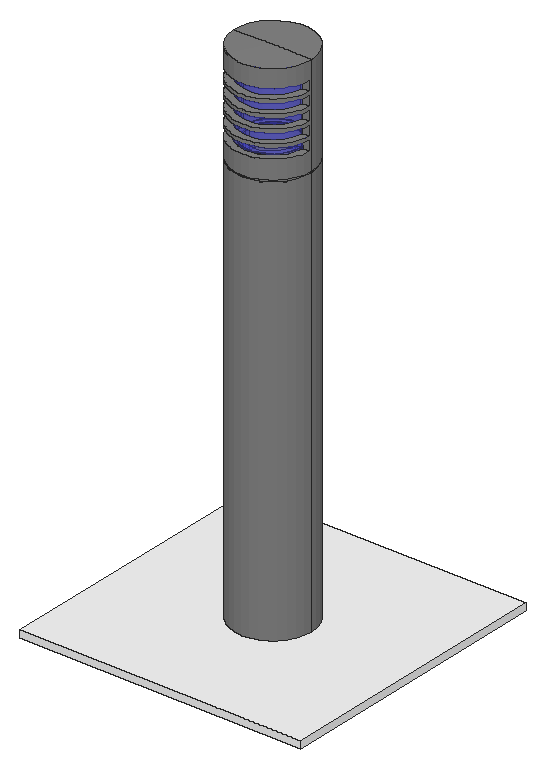
Revit family "BE_84423_de_DE", category Leuchten, Revit 2020
Family settings
  Basisbauteil = Fläche
  Bemaßung runder Anschluss = Durchmesser verwenden
  Teiletyp = Normal
  Beim Laden mit Abzugskörper schneiden = Ja
  Lichtquelle = Ja
  Gemeinsam genutzt = Nein
  Raumberechnungspunkt = Ja
Parameters (values of type "BEGA_84423_Grafit_K3")
  built-in parameter 1150104 = 17.866 (stored number, unit not read)
  Wattage = 3.9 W
  Default Elevation = 0 mm
  built-in parameter 1150113 = 1 (stored number, unit not read)
  built-in parameter 1114218 = 1 (stored number, unit not read)
  Umgebungstemperatur = "25 °C"
  URL = "https://www.bega.com/de/produkt/84423"
  Typenkommentare = "© 2022 BEGA. Wir behalten uns das Recht vor, technische Änderungen ohne vorherige Ankündigung vorzunehmen."  # constant formula
  Type Image = 84423.png
  built-in parameter 1150134 = (empty or 0)
  built-in parameter 1150109 = 1 (stored number, unit not read)
  Strom = ""
  built-in parameter 1150110 = 1 (stored number, unit not read)
  Spannung = 239.996 V
  Sonderanfertigung = no
  Seriennummer [instance] = "Hier können Sie die eindeutige Seriennummer für das Facility Management eintragen."
  Schutzklasse = "I"
  Schutzart = "IP 65"
  Scheinlast = 0 VA
  Produktdatenblatt = "https://cdn.bega.com/bega/products/84423AK3/current/documents/data-sheets/de"
  Oberflächentemperatur = ""
  Neigungswinkel = 0.00°
  Modell = "84423K3"
  Material_18 = BEGA_Gummi_schwarz
  Material_17 = BEGA_Reflektor
  Material_15 = BEGA_Leuchtmedium_matt
  Material_11 = BEGA_Glas_opal
  Material_09 = BEGA_Glas_klar
  Material_08 = BEGA_Oberfläche_Stahl_verzinkt
  Material_06 = BEGA_Oberfläche_Edelstahl_gebürstet
  Material_03 = BEGA_Oberfläche_Weiss_matt
  Material_02 = BEGA_Oberfläche_Silber_matt
  Material_01 [instance] = BEGA_Oberfläche_Grafit_matt
  M_W = no
  M_G = yes
  M_A = no
  Logo = 0
  built-in parameter 1114217 = 1 (stored number, unit not read)
  built-in parameter 1150139 = (empty or 0)
  built-in parameter 1150105 = 59.684 (stored number, unit not read)
  built-in parameter 1150114 = 1 (stored number, unit not read)
  Lumens = 750.009 lm
  built-in parameter 1150115 = 1 (stored number, unit not read)
  Leuchtenlichtstrom = "99 lm"
  Leuchtenanzahl = ""
  Lebensdauerkriterien = "L70B50 @ 25 °C = 200000 h"
  Lastklassifizierung = Beleuchtung
  built-in parameter 1150112 = 1 (stored number, unit not read)
  Lampenlichtstrom = "750 lm"
  Lampe = "LED 3.9 W"
  LED_Modulbezeichnung = "LED-0794/830"
  built-in parameter 1150142 = (empty or 0)
  Hersteller = "BEGA"  # constant formula
  Halbstreuwinkel = ""
  Gewicht = "3.7 kg"
  Gebrauchslageneinschränkung [instance] = ""
  Frequenz = "0/50-60 Hz"
  Farbwiedergabeindex = "CRI > 80"
  Farbtemperaturverschiebung bei Dämpfen der Lampe = <Keine Auswahl>
  Farbtemperatur = "3000 K"
  Color Filter = 16777215
  built-in parameter 1150133 = 10 (stored number, unit not read)
  Energieeffizienzklasse = "LED A++ - A"
  built-in parameter 1150137 = (empty or 0)
  built-in parameter 1150132 = (empty or 0)
  ENEC = "ja"
  Datei für fotometrisches Netz = "BE_84423K3.IES"
  CE_Konformität = "ja"
  Bestellnummer = "84423K3"
  Beschreibung_Sonderanfertigung = "Hier können Sie Informationen zur Sonderanfertigung eintragen."
  Beschreibung = "Garten- und Wegeleuchte"
  built-in parameter 1150106 = 0.59684 (stored number, unit not read)
  Befestigungsbohrung = "Ø 9 mm"
  Befestigungsabstand = ""
  Ballwurfsicher = ""
  BEGA_Intern_aus = yes
  BEGA_Intern_an = yes
  BEGA_Intern_Konstruktion = yes
  BEGA_Intern = yes
  BEGA_IES = yes
  BEGA_Dummy = no
  Anschlussleitung = ""
  Anschlussleistung [instance] = "5 W"
  built-in parameter 1150107 = 3000 (stored number, unit not read)
  built-in parameter 1150102 = (empty or 0)
  built-in parameter 1150138 = (empty or 0)
  Aktualisierung = "2022-05-19T04:00:07"
  Abstand_zur_angestrahlten_Fläche [instance] = ""
  AC/DC = "AC/DC"
Types (4, lengths in mm): name | built-in parameter 1150104 | built-in parameter 1150134 | Modell | M_G | M_A | built-in parameter 1150105 | Lumens | Leuchtenlichtstrom | Lampenlichtstrom | LED_Modulbezeichnung | Farbtemperatur | Datei für fotometrisches Netz | Bestellnummer | built-in parameter 1150106 | built-in parameter 1150107
  BEGA_84423_Grafit_K3 | 17.866 (stored number, unit not read) | (empty or 0) | "84423K3" | yes | no | 59.684 (stored number, unit not read) | 750.009 lm | "99 lm" | "750 lm" | "LED-0794/830" | "3000 K" | "BE_84423K3.IES" | "84423K3" | 0.59684 (stored number, unit not read) | 3000 (stored number, unit not read)
  BEGA_84423_Silber_K3 | 17.866 (stored number, unit not read) | (empty or 0) | "84423AK3" | no | yes | 59.684 (stored number, unit not read) | 750.009 lm | "99 lm" | "750 lm" | "LED-0794/830" | "3000 K" | "BE_84423K3.IES" | "84423AK3" | 0.59684 (stored number, unit not read) | 3000 (stored number, unit not read)
  BEGA_84423_Grafit_K4 | 18.343 (stored number, unit not read) | 12 | "84423K4" | yes | no | 61.276 (stored number, unit not read) | 770.016 lm | "101 lm" | "770 lm" | "LED-0794/840" | "4000 K" | "BE_84423K4.IES" | "84423K4" | 0.61276 (stored number, unit not read) | 4000 (stored number, unit not read)
  BEGA_84423_Silber_K4 | 18.343 (stored number, unit not read) | 12 | "84423AK4" | no | yes | 61.276 (stored number, unit not read) | 770.016 lm | "101 lm" | "770 lm" | "LED-0794/840" | "4000 K" | "BE_84423K4.IES" | "84423AK4" | 0.61276 (stored number, unit not read) | 4000 (stored number, unit not read)
Reference planes
  plane 1 "Mitte (Vorne/Hinten)": y = 0
  plane 2: z = 0
  plane 3 "Mitte (Links/Rechts)": x = 0
  plane 4 "Links": x = -55
  plane 5 "Rechts": x = 55.007
  plane 6 "Unten": y = -55
  plane 7 "Oben": y = 55
  plane 8 "Vorne": z = 730.771
  plane 9 "Hinten": z = 0
Forms (mm)
  Extrusion 1, solid, material "BEGA_Platte_Weiss"
    sketch origin (0, -1119.2, 0) x (1, 0, 0) y (0, 1, 0)
      loop
        line (-200, 1319.2) -> (-200, 919.2) -> (200, 919.2) -> (200, 1319.2) -> (-200, 1319.2)
    from 0 to -10
  Extrusion 2, solid, material "BEGA_Dummy_matt", visible <- "BEGA_Dummy"
    sketch origin (77.149, -76.023, 0) x (1, 0, 0) y (0, 1, 0)
      loop
        circle (-77.149, 76.023) r 55
    from 0 to 730.771
Dimensions and locks
  plane 1 "Mitte (Vorne/Hinten)" to Extrusion 1 = 200 mm
  aligned and locked: plane 2 to Extrusion 1
  aligned and locked: level to Extrusion 1
Nested families
  nested 1: "84423" at (0, 0, 0), type "84423"
Connectors
  electrical at (0, 0, 0), driven by "Lastklassifizierung", driven by "Spannung", driven by "Scheinlast"
    settings: index 1, voltage 239.996 V, apparent load 0 VA, apparent load phase1 0 VA, apparent load phase2 0 VA, apparent load phase3 0 VA, power factor 1, load classification "Beleuchtung", number of poles 1, system type 31, power factor state 1, is connector primary yes, connector utility no, sub classification motor no, connector description ""
Definition of nested family "84423"
  Parameters (values of type "84423")
    Default Elevation = 1 mm
    URL = "http://www.bega.de/de/produkt"
    Type Comments = "© 2015 BEGA. Wir behalten uns das Recht vor, technische Änderungen ohne vorherige Ankündigung vorzunehmen. "  # constant formula
    Type Image = (empty or 0)
    Neigungswinkel_um_Z2 = 0.00°
    Neigungswinkel_um_Z1 = 0.00°
    Neigungswinkel_um_Y2 = 0.00°
    Neigungswinkel_um_Y1 = 0.00°
    Neigungswinkel_um_X2 = 0.00°
    Neigungswinkel_um_X1 = 0.00°
    Material_18 = none
    Material_17 = none
    Material_15 = none
    Material_11 = none
    Material_09 = none
    Material_08 = none
    Material_06 = none
    Material_02 = none
    Material_01 = none
    M_W = no
    M_G = no
    M_A = yes
    Länge_Platte = 200 mm  # constant formula
    Höhe_Platte = -10 mm  # constant formula
    Manufacturer = "BEGA"  # constant formula
    Drehwinkel_um_Z2 = 0.00°
    Drehwinkel_um_Z1 = 0.00°
    Breite_Platte = 200 mm  # constant formula
  Reference planes
    plane 1 "Mitte (Oben/Unten)": y = 0
    plane 2: z = 0
    plane 3 "Mitte (Links/Rechts)": x = 0
    plane 4 "Links": x = -55
    plane 5 "Rechts": x = 55.007
    plane 6 "Oben": y = 55
    plane 7 "Unten": y = -55
    plane 8: z = 0
    plane 9: z = 730.771
  Forms (mm)
    Extrusion 1, solid, detail levels medium
      sketch origin (0, 0, 0) x (1, 0, 0) y (0, 1, 0)
        loop
          line (-100, 100) -> (-100, -100) -> (100, -100) -> (100, 100) -> (-100, 100)
      from 0 to -10 <- "Höhe_Platte"
    Revolve 2, solid, material <- "Material_11"
      sketch origin (0, 0, 0) x (1, 0, 0) y (0, 0, 1)
        loop
          line (0, 718.14) -> (-43.08, 718.14) -> (-44.992, 608.595) -> (-37.994, 608.595) -> (-37.994, 582.176) -> (-33, 582.176) -> (-33, 612.26) -> (-40.927, 612.26) -> (-39.149, 714.14) -> (0, 714.14) -> (0, 718.14)
        axis (0, 718.14) -> (0, 582.176)
      angle from 0 to 360
    Revolve 3, solid, material <- "Material_18"
      sketch origin (0, 0, 0) x (1, 0, 0) y (0, 0, 1)
        loop
          circle (-42.419, 606.472) r 2.597
        axis (0, 606.472) -> (0, 605.472)
      angle from 0 to 360
    Revolve 4, solid, material <- "Material_08"
      sketch origin (0, 0, 0) x (1, 0, 0) y (0, 0, 1)
        loop
          line (-44.52, 120) -> (-44.52, 3) -> (-42.5, 3) -> (-42.5, 120) -> (-44.52, 120)
        axis (0, 120) -> (0, 3)
      angle from 0 to 360
    Revolve 5, solid, material <- "Material_02", visible <- "M_A"
      sketch origin (0, 0, 0) x (1, 0, 0) y (0, 0, 1)
        loop
          line (-55, 585.14) -> (-55, 0) -> (-53, 0) -> (-53, 566.429) -> (-43.211, 566.429) -> (-43.211, 606.14) -> (-46, 606.14) -> (-46, 589.14) -> (-51.456, 589.14) -> (-51.456, 587.14) -> (-54, 587.14) -> (-54, 585.14) -> (-55, 585.14)
        axis (0, 606.14) -> (0, 0)
      angle from 0 to 360
    Revolve 6, solid, material <- "Material_01", visible <- "M_G"
      sketch origin (0, 0, 0) x (1, 0, 0) y (0, 0, 1)
        loop
          line (-55, 729.455) -> (-55, 587.44) -> (-52.384, 587.44) -> (-52.384, 609.333) -> (-46.05, 609.333) -> (-44.308, 726.853) -> (-0.008, 726.853) -> (-0.008, 730.752) -> (-55, 729.455)
        axis (-0.008, 730.752) -> (-0.008, 587.44)
      angle from 0 to 360
    Extrusion 7, solid, material <- "Material_08"
      sketch origin (0, 0, 0) x (1, 0, 0) y (0, 1, 0)
        loop
          arc (-4.5, -35.473) -> (0, -39.525) -> (4.5, -35.473) r 4.525
          line (4.5, -35.473) -> (4.5, -32.5)
          arc (4.5, -32.5) -> (0, -28) -> (-4.5, -32.5) r 4.5
          line (-4.5, -32.5) -> (-4.5, -35.473)
        loop
          arc (25.631, 19.982) -> (24.249, 14) -> (30.121, 12.207) r 4.5
          line (30.121, 12.207) -> (32.555, 13.612)
          arc (32.555, 13.612) -> (34.199, 19.745) -> (28.066, 21.388) r 4.489
          line (28.066, 21.388) -> (25.631, 19.982)
        loop
          arc (-28.065, 21.4) -> (-34.211, 19.745) -> (-32.555, 13.6) r 4.5
          line (-32.555, 13.6) -> (-30.393, 12.351)
          arc (-30.393, 12.351) -> (-24.25, 13.998) -> (-25.889, 20.143) r 4.5
          line (-25.889, 20.143) -> (-28.065, 21.4)
        loop
          arc (-24.393, 6.981) -> (-32.482, -0.857) -> (-32.836, -12.115) r 15
          arc (-32.836, -12.115) -> (-30.307, -17.507) -> (-26.899, -22.393) r 35
          arc (-26.899, -22.393) -> (-16.975, -27.703) -> (-6.151, -24.615) r 15
          arc (-6.151, -24.615) -> (0.002, -22.5) -> (6.154, -24.617) r 10
          arc (6.154, -24.617) -> (9.865, -26.739) -> (14.024, -27.727) r 15
          arc (14.024, -27.727) -> (21.138, -26.638) -> (26.925, -22.361) r 15
          arc (26.925, -22.361) -> (30.317, -17.49) -> (32.836, -12.115) r 35
          arc (32.836, -12.115) -> (32.376, -0.621) -> (23.91, 7.167) r 15
          arc (23.91, 7.167) -> (19.219, 11.694) -> (18.305, 18.148) r 10.022
          arc (18.305, 18.148) -> (15.356, 28.752) -> (5.964, 34.488) r 15
          arc (5.964, 34.488) -> (0, 35) -> (-5.964, 34.488) r 35
          arc (-5.964, 34.488) -> (-15.516, 28.536) -> (-18.24, 17.616) r 15
          arc (-18.24, 17.616) -> (-19.49, 11.242) -> (-24.393, 6.981) r 10
        loop
          circle (0, 0) r 47.5
      from 0 to 3
    Revolve 8, solid, material <- "Material_01", visible <- "M_G"
      sketch origin (0, 0, 0) x (1, 0, 0) y (0, 0, 1)
        loop
          line (-55, 585.14) -> (-55, 0) -> (-53, 0) -> (-53, 566.429) -> (-43.211, 566.429) -> (-43.211, 606.14) -> (-46, 606.14) -> (-46, 589.14) -> (-51.456, 589.14) -> (-51.456, 587.14) -> (-54, 587.14) -> (-54, 585.14) -> (-55, 585.14)
        axis (0, 606.14) -> (0, 0)
      angle from 0 to 360
    Extrusion 9, void
      sketch origin (0, 0, 0) x (0, 1, 0) y (0, 0, 1)
        loop
          line (-59.75, 704.482) -> (-59.75, 690.421) -> (-3, 690.421) -> (-3, 704.482) -> (-59.75, 704.482)
        loop
          line (-59.75, 685.421) -> (-59.75, 671.44) -> (-3, 671.44) -> (-3, 685.421) -> (-59.75, 685.421)
        loop
          line (-59.75, 666.44) -> (-59.75, 652.454) -> (-3, 652.454) -> (-3, 666.44) -> (-59.75, 666.44)
        loop
          line (-59.75, 647.454) -> (-59.75, 633.465) -> (-3, 633.465) -> (-3, 647.454) -> (-59.75, 647.454)
        loop
          line (-59.75, 628.465) -> (-59.75, 614.175) -> (-3, 614.175) -> (-3, 628.465) -> (-59.75, 628.465)
      from -80 to 80
    Revolve 10, solid, material <- "Material_02", visible <- "M_A"
      sketch origin (0, 0, 0) x (1, 0, 0) y (0, 0, 1)
        loop
          line (-55, 729.455) -> (-55, 587.44) -> (-52.384, 587.44) -> (-52.384, 609.333) -> (-46.05, 609.333) -> (-44.308, 726.853) -> (-0.008, 726.853) -> (-0.008, 730.752) -> (-55, 729.455)
        axis (-0.008, 730.752) -> (-0.008, 587.44)
      angle from 0 to 360
  Cuts and joins
    joined: Revolve 4, Extrusion 7
    Extrusion 9 cuts Revolve 6
    Extrusion 9 cuts Revolve 10
  Dimensions and locks
    equal spacing: Extrusion 1 sketch curve, plane 3 "Mitte (Links/Rechts)", Extrusion 1 sketch curve
    equal spacing: Extrusion 1 sketch curve, plane 1 "Mitte (Oben/Unten)", Extrusion 1 sketch curve
    "Länge_Platte": Extrusion 1 sketch curve to Extrusion 1 sketch curve
    "Breite_Platte": Extrusion 1 sketch curve to Extrusion 1 sketch curve
    aligned and locked: plane 2 to Extrusion 1
    aligned and locked: level to Extrusion 1
  Automatic sketch dimensions
    Revolve 4 sketch curve to plane 3 "Mitte (Links/Rechts)" = 0 mm
    Revolve 4 sketch curve to plane 3 "Mitte (Links/Rechts)" = 42.5 mm
    Revolve 4 sketch curve to Revolve 4 sketch curve = 2.02 mm
    Revolve 4 sketch curve to Revolve 4 sketch curve = 398 mm
    Revolve 4 sketch curve to Revolve 4 sketch curve = 10 mm
    level to Revolve 4 sketch curve = 3 mm
    level to Revolve 4 sketch curve = 120 mm
    Extrusion 7 sketch curve to Extrusion 7 sketch curve = 0 mm  (x25)
    plane 1 "Mitte (Oben/Unten)" to Extrusion 7 sketch curve = 0 mm
    Extrusion 7 sketch curve to plane 3 "Mitte (Links/Rechts)" = 0 mm  (x3)
    Extrusion 7 sketch curve to plane 3 "Mitte (Links/Rechts)" = 3.387 mm
    Extrusion 7 sketch curve to plane 3 "Mitte (Links/Rechts)" = 4.5 mm
    Extrusion 7 sketch curve to plane 3 "Mitte (Links/Rechts)" = 15.377 mm
    Extrusion 7 sketch curve to Extrusion 7 sketch curve = 3.387 mm  (x2)
    Extrusion 7 sketch curve to Extrusion 7 sketch curve = 22.503 mm
    Extrusion 7 sketch curve to Extrusion 7 sketch curve = 2.176 mm
    Extrusion 7 sketch curve to Extrusion 7 sketch curve = 2.256 mm
    Extrusion 7 sketch curve to Extrusion 7 sketch curve = 2.165 mm  (x2)
    Extrusion 7 sketch curve to Extrusion 7 sketch curve = 2.247 mm
    Extrusion 7 sketch curve to Extrusion 7 sketch curve = 2.162 mm
    plane 3 "Mitte (Links/Rechts)" to Extrusion 7 sketch curve = 3.387 mm
    plane 3 "Mitte (Links/Rechts)" to Extrusion 7 sketch curve = 15.377 mm
    Extrusion 7 sketch curve to Extrusion 7 sketch curve = 22.245 mm
    Extrusion 7 sketch curve to Extrusion 7 sketch curve = 2.435 mm  (x2)
    Extrusion 7 sketch curve to Extrusion 7 sketch curve = 2.514 mm
    Extrusion 7 sketch curve to plane 1 "Mitte (Oben/Unten)" = 12.207 mm
    Extrusion 7 sketch curve to Extrusion 7 sketch curve = 1.975 mm
    plane 1 "Mitte (Oben/Unten)" to Extrusion 7 sketch curve = 6.923 mm  (x2)
    Extrusion 7 sketch curve to Extrusion 7 sketch curve = 5.866 mm  (x2)
    plane 7 "Unten" to Extrusion 7 sketch curve = 22.5 mm
    Extrusion 7 sketch curve to Extrusion 7 sketch curve = 2.5 mm
    Extrusion 7 sketch curve to Extrusion 7 sketch curve = 2.973 mm
    Extrusion 7 sketch curve to plane 1 "Mitte (Oben/Unten)" = 12.351 mm
    Extrusion 7 sketch curve to Extrusion 7 sketch curve = 1.249 mm
    Extrusion 7 sketch curve to Extrusion 7 sketch curve = 4.043 mm
    Extrusion 7 sketch curve to Extrusion 7 sketch curve = 3.899 mm
    Extrusion 7 sketch curve to Extrusion 7 sketch curve = 1.25 mm  (x2)
    Extrusion 7 sketch curve to plane 1 "Mitte (Oben/Unten)" = 19.711 mm
    Extrusion 7 sketch curve to Extrusion 7 sketch curve = 1.406 mm
    Extrusion 7 sketch curve to plane 3 "Mitte (Links/Rechts)" = 5.964 mm
    Extrusion 7 sketch curve to plane 3 "Mitte (Links/Rechts)" = 6.151 mm
    Extrusion 7 sketch curve to Extrusion 7 sketch curve = 7.65 mm
    Extrusion 7 sketch curve to plane 1 "Mitte (Oben/Unten)" = 6.981 mm
    Extrusion 7 sketch curve to Extrusion 7 sketch curve = 5.937 mm
    plane 3 "Mitte (Links/Rechts)" to Extrusion 7 sketch curve = 5.964 mm
    plane 3 "Mitte (Links/Rechts)" to Extrusion 7 sketch curve = 6.154 mm
    Extrusion 7 sketch curve to Extrusion 7 sketch curve = 7.87 mm
    Extrusion 7 sketch curve to Extrusion 7 sketch curve = 7.326 mm
    Extrusion 7 sketch curve to plane 1 "Mitte (Oben/Unten)" = 7.167 mm
    Extrusion 7 sketch curve to Extrusion 7 sketch curve = 5.911 mm
    Revolve 2 sketch curve to plane 3 "Mitte (Links/Rechts)" = 0 mm  (x2)
    plane 4 "Links" to Revolve 2 sketch curve = 22 mm
    Revolve 2 sketch curve to Revolve 2 sketch curve = 4.994 mm
    plane 4 "Links" to Revolve 2 sketch curve = 15.851 mm
    Revolve 2 sketch curve to Revolve 2 sketch curve = 2.933 mm
    Revolve 2 sketch curve to Revolve 2 sketch curve = 3.931 mm
    Revolve 2 sketch curve to Revolve 2 sketch curve = 4.065 mm
    Revolve 2 sketch curve to plane 9 = 148.595 mm
    Revolve 2 sketch curve to Revolve 2 sketch curve = 26.42 mm
    Revolve 2 sketch curve to Revolve 2 sketch curve = 3.665 mm
    Revolve 2 sketch curve to plane 9 = 16.631 mm
    Revolve 2 sketch curve to Revolve 2 sketch curve = 4 mm
    Revolve 2 sketch curve to Revolve 2 sketch curve = 38.14 mm
    Revolve 2 sketch curve to plane 9 = 1.735 mm
    Revolve 3 sketch curve to plane 3 "Mitte (Links/Rechts)" = 0 mm
    plane 4 "Links" to Revolve 3 sketch curve = 12.581 mm
    Revolve 3 sketch curve to plane 9 = 124.299 mm
    Revolve 3 sketch curve to Revolve 3 sketch curve = 27.475 mm
    Revolve 3 sketch curve to Revolve 3 sketch curve = 25 mm
    Revolve 5 sketch curve to level = 0 mm
    Revolve 5 sketch curve to plane 4 "Links" = 0 mm
    Revolve 5 sketch curve to plane 3 "Mitte (Links/Rechts)" = 0 mm
    plane 4 "Links" to Revolve 5 sketch curve = 1 mm
    Revolve 5 sketch curve to Revolve 5 sketch curve = 2 mm  (x3)
    Revolve 5 sketch curve to Revolve 5 sketch curve = 2.544 mm
    Revolve 5 sketch curve to Revolve 5 sketch curve = 5.456 mm
    Revolve 5 sketch curve to Revolve 5 sketch curve = 2.789 mm
    Revolve 5 sketch curve to plane 9 = 164.342 mm
    Revolve 5 sketch curve to Revolve 5 sketch curve = 18.71 mm
    Revolve 5 sketch curve to Revolve 5 sketch curve = 17 mm
    Revolve 5 sketch curve to level = 13.31 mm
    Revolve 5 sketch curve to Revolve 5 sketch curve = 5.311 mm
    Revolve 8 sketch curve to level = 0 mm
    Revolve 8 sketch curve to plane 4 "Links" = 0 mm
    Revolve 8 sketch curve to plane 3 "Mitte (Links/Rechts)" = 0 mm
    plane 4 "Links" to Revolve 8 sketch curve = 1 mm
    Revolve 8 sketch curve to Revolve 8 sketch curve = 2 mm  (x3)
    Revolve 8 sketch curve to Revolve 8 sketch curve = 2.544 mm
    Revolve 8 sketch curve to Revolve 8 sketch curve = 5.456 mm
    Revolve 8 sketch curve to Revolve 8 sketch curve = 2.789 mm
    Revolve 8 sketch curve to plane 9 = 164.342 mm
    Revolve 8 sketch curve to Revolve 8 sketch curve = 18.71 mm
    Revolve 8 sketch curve to Revolve 8 sketch curve = 17 mm
    Revolve 8 sketch curve to level = 13.31 mm
    Revolve 8 sketch curve to Revolve 8 sketch curve = 5.311 mm
    Revolve 6 sketch curve to plane 4 "Links" = 0 mm
    Revolve 6 sketch curve to Revolve 6 sketch curve = 2.616 mm
    Revolve 6 sketch curve to plane 3 "Mitte (Links/Rechts)" = 0.008 mm  (x2)
    Revolve 6 sketch curve to plane 9 = 143.331 mm
    Revolve 6 sketch curve to Revolve 6 sketch curve = 21.893 mm
    Revolve 6 sketch curve to plane 9 = 1.316 mm
    Revolve 6 sketch curve to plane 9 = 0.019 mm
    Revolve 6 sketch curve to Revolve 6 sketch curve = 6.334 mm
    plane 4 "Links" to Revolve 6 sketch curve = 10.692 mm
    Revolve 6 sketch curve to plane 9 = 3.918 mm
    Revolve 6 sketch curve to Revolve 6 sketch curve = 0.852 mm
    Revolve 6 sketch curve to Revolve 6 sketch curve = 0 mm
    Extrusion 9 sketch curve to plane 7 "Unten" = 4.75 mm  (x5)
    plane 1 "Mitte (Oben/Unten)" to Extrusion 9 sketch curve = 3 mm  (x5)
    Extrusion 9 sketch curve to plane 9 = 116.596 mm
    Extrusion 9 sketch curve to Extrusion 9 sketch curve = 14.29 mm
    Extrusion 9 sketch curve to Extrusion 9 sketch curve = 5 mm  (x4)
    Extrusion 9 sketch curve to Extrusion 9 sketch curve = 13.99 mm
    Extrusion 9 sketch curve to Extrusion 9 sketch curve = 13.986 mm
    Extrusion 9 sketch curve to Extrusion 9 sketch curve = 13.98 mm
    Extrusion 9 sketch curve to Extrusion 9 sketch curve = 14.061 mm
    Revolve 10 sketch curve to plane 4 "Links" = 0 mm
    Revolve 10 sketch curve to Revolve 10 sketch curve = 2.616 mm
    Revolve 10 sketch curve to Revolve 10 sketch curve = 6.334 mm
    Revolve 10 sketch curve to plane 9 = 3.918 mm
    plane 4 "Links" to Revolve 10 sketch curve = 10.692 mm
    Revolve 10 sketch curve to plane 3 "Mitte (Links/Rechts)" = 0.008 mm  (x2)
    Revolve 10 sketch curve to Revolve 10 sketch curve = 117.52 mm
    Revolve 10 sketch curve to Revolve 10 sketch curve = 21.893 mm
    Revolve 10 sketch curve to plane 9 = 1.316 mm
    Revolve 10 sketch curve to plane 9 = 0.019 mm
    Revolve 10 sketch curve to Revolve 10 sketch curve = 0.852 mm
    Revolve 10 sketch curve to Revolve 10 sketch curve = 0 mm
    radius of Extrusion 7 sketch curve = 47.5 mm
    radius of Revolve 3 sketch curve = 2.597 mm
